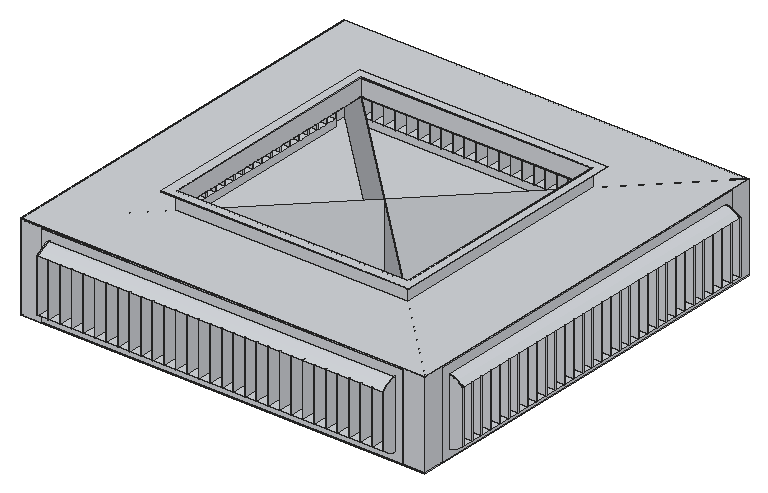
Revit family "DPD (2000-25000 cfm)", category Mechanical Equipment, Revit 2015
Parameters (values of type "DPD6012-40 (16000 cfm)")
  URL = "https://unitedenertech.com/catalog/pdf/H_1%20DPD.pdf"
  Type Comments = "Size Options are Listed as Family Types"
  T = 3' - 4"
  Model = "DPD"
  Manufacturer = "United Enertech Corporation"
  Keynote = "2000-25000 cfm models"
  Grille Length = 5' - 0"
  Grille Height = 1' - 0"
  F = 1' - 3"
  Description = "Drop Diffuser / Plenums"
  B = 5' - 10"
Types (12): name | T | Grille Length | Grille Height | F | B
  (no name) | 3' - 4" | 5' - 0" | 1' - 0" | 1' - 3" | 5' - 10"
  DPD7215-62.5 (25000 cfm) | 4' - 4" | 6' - 0" | 1' - 3" | 1' - 6" | 6' - 10"
  DPD7012-50 (20000 cfm) | 4' - 0" | 5' - 10" | 1' - 0" | 1' - 3" | 6' - 8"
  DPD6012-40 (16000 cfm) | 3' - 4" | 5' - 0" | 1' - 0" | 1' - 3" | 5' - 10"
  DPD5010-30 (12000 cfm) | 3' - 2" | 4' - 2" | 0' - 10" | 1' - 1" | 5' - 0"
  DPD4010-25 (10000 cfm) | 3' - 0" | 3' - 4" | 0' - 10" | 1' - 1" | 4' - 2"
  DPD3510-20 (8000 cfm) | 2' - 6" | 2' - 11" | 0' - 10" | 1' - 1" | 3' - 9"
  DPD2510-15 (6000 cfm) | 2' - 4" | 2' - 1" | 0' - 10" | 1' - 1" | 2' - 11"
  DPD2010-12.5 (5000 cfm) | 2' - 0" | 1' - 8" | 0' - 10" | 1' - 1" | 2' - 6"
  DPD3006-10 (4000 cfm) | 1' - 10" | 2' - 6" | 0' - 6" | 0' - 9" | 3' - 4"
  DPD1806-7.5 (3000 cfm) | 1' - 8" | 1' - 6" | 0' - 6" | 0' - 9" | 2' - 4"
  DPD1206-5 (2000 cfm) | 1' - 2" | 1' - 0" | 0' - 6" | 0' - 9" | 1' - 10"
Reference planes (in)
  plane 1 "Center (Front/Back)": y = 0
  plane 2: z = 0
  plane 3 "Center (Left/Right)": x = 0
  plane 4: x = -20
  plane 5: x = -21.5
  plane 6: x = 20
  plane 7: x = 21.5
  plane 8: y = 20
  plane 9: y = 21.5
  plane 10: y = -20
  plane 11: y = -21.5
  plane 12: x = -35
  plane 13: y = 35
  plane 14: x = 35
  plane 15: y = -35
  plane 16: y = -34.9522
  plane 17: x = -34.9522
  plane 18: y = 34.9522
  plane 19: x = 34.9522
  plane 20: x = -20.0478
  plane 21: y = 20.0478
  plane 22: x = 20.0478
  plane 23: y = -20.0478
  plane 24: z = 15
  plane 25: z = 14.9522
  plane 26: z = 0.0478
  plane 27: z = 18
  plane 28: z = 17.9522
  plane 29: z = 7.5
  plane 30: x = -30
  plane 31: x = 30
  plane 32: y = 30
  plane 33: y = -30
  plane 34: z = 13.5
  plane 35: z = 1.5
Forms (in)
  Extrusion 1, solid
    sketch origin (0, 0, 0) x (1, 0, 0) y (0, 1, 0)
      loop
        line (-21.5, 21.5) -> (-21.5, -21.5) -> (21.5, -21.5) -> (21.5, 21.5) -> (-21.5, 21.5)
      loop
        line (-20, -20) -> (20, -20) -> (20, 20) -> (-20, 20) -> (-20, -20)
    from 17.9522 to 18
  Extrusion 2, solid
    sketch origin (0, 0, 0) x (1, 0, 0) y (0, 1, 0)
      loop
        line (-20.0478, 20.0478) -> (-20.0478, -20.0478) -> (20.0478, -20.0478) -> (20.0478, 20.0478) -> (-20.0478, 20.0478)
      loop
        line (-20, -20) -> (20, -20) -> (20, 20) -> (-20, 20) -> (-20, -20)
    from 15 to 17.9522
  Extrusion 3, solid
    sketch origin (0, 0, 0) x (1, 0, 0) y (0, 1, 0)
      loop
        line (-35, -35) -> (35, -35) -> (35, 35) -> (-35, 35) -> (-35, -35)
      loop
        line (-20, -20) -> (20, -20) -> (20, 20) -> (-20, 20) -> (-20, -20)
    from 14.9522 to 15
  Extrusion 4, solid
    sketch origin (0, 0, 0) x (1, 0, 0) y (0, 1, 0)
      loop
        line (-35, 35) -> (-35, -35) -> (35, -35) -> (35, 35) -> (-35, 35)
    from 0 to 0.0478
  Extrusion 5, solid
    sketch origin (0, 0, 0) x (1, 0, 0) y (0, 1, 0)
      loop
        line (-34.9522, 34.9522) -> (-34.9522, -34.9522) -> (34.9522, -34.9522) -> (34.9522, 34.9522) -> (-34.9522, 34.9522)
      loop
        line (-35, -35) -> (35, -35) -> (35, 35) -> (-35, 35) -> (-35, -35)
    from 0.0478 to 14.9522
  Extrusion 6, void
    sketch origin (0, 0, 0) x (0, 1, 0) y (0, 0, 1)
      loop
        line (30, 1.5) -> (30, 13.5) -> (-30, 13.5) -> (-30, 1.5) -> (30, 1.5)
    from -92.02548 to 91.06186
  Extrusion 7, void
    sketch origin (0, 0, 0) x (1, 0, 0) y (0, 0, 1)
      loop
        line (-30, 1.5) -> (30, 1.5) -> (30, 13.5) -> (-30, 13.5) -> (-30, 1.5)
    from -70.05204 to 70.72677
  Extrusion 8, solid
    sketch origin (0, 0, 0) x (1, 0, 0) y (0, 1, 0)
      loop
        line (-34.9522, -34.9522) -> (34.9522, 34.9522) -> (34.9044, 34.9522) -> (-34.9522, -34.9044) -> (-34.9522, -34.9522)
    from 0.0478 to 14.9522
  Extrusion 9, solid
    sketch origin (0, 0, 0) x (1, 0, 0) y (0, 1, 0)
      loop
        line (34.9522, -34.9522) -> (34.9522, -34.9044) -> (-34.9044, 34.9522) -> (-34.9522, 34.9522) -> (34.9522, -34.9522)
    from 0.0478 to 14.9522
Cuts and joins
  Extrusion 6, Extrusion 7 cuts Extrusion 5
Dimensions and locks (in)
  locked: plane 6 to plane 7 at 1.5
  equal spacing: plane 4, plane 3 "Center (Left/Right)", plane 6
  "T": plane 4 to plane 6
  locked: plane 5 to plane 4 at 1.5
  locked: plane 8 to plane 9 at 1.5
  locked: plane 10 to plane 11 at 1.5
  equal spacing: plane 8, plane 1 "Center (Front/Back)", plane 10
  "T": plane 8 to plane 10
  equal spacing: plane 12, plane 3 "Center (Left/Right)", plane 14
  "B": plane 12 to plane 14
  equal spacing: plane 13, plane 1 "Center (Front/Back)", plane 15
  "B": plane 15 to plane 13
  locked: plane 15 to plane 16 at 0.0478
  locked: plane 13 to plane 18 at 0.0478
  locked: plane 12 to plane 17 at 0.0478
  locked: plane 19 to plane 14 at 0.0478
  locked: plane 23 to plane 10 at 0.0478
  locked: plane 8 to plane 21 at 0.0478
  locked: plane 20 to plane 4 at 0.0478
  locked: plane 6 to plane 22 at 0.0478
  locked: plane 26 to level at 0.0478
  locked: plane 24 to plane 25 at 0.0478
  "F": plane 24 to level
  locked: plane 27 to plane 28 at 0.0478
  locked: plane 28 to plane 24 at 2.9522
  equal spacing: plane 24, plane 29, level
  equal spacing: plane 31, plane 3 "Center (Left/Right)", plane 30
  "Grille Length": plane 31 to plane 30
  equal spacing: plane 32, plane 1 "Center (Front/Back)", plane 33
  "Grille Length": plane 32 to plane 33
  equal spacing: plane 34, plane 29, plane 35
  "Grille Height": plane 34 to plane 35
  aligned and locked: level to plane 2
  aligned and locked: plane 5 to Extrusion 1 sketch curve
  aligned and locked: plane 9 to Extrusion 1 sketch curve
  aligned and locked: plane 7 to Extrusion 1 sketch curve
  aligned and locked: plane 11 to Extrusion 1 sketch curve
  aligned and locked: Extrusion 1 sketch curve to plane 4
  aligned and locked: Extrusion 1 sketch curve to plane 10
  aligned and locked: Extrusion 1 sketch curve to plane 6
  aligned and locked: Extrusion 1 sketch curve to plane 8
  aligned and locked: Extrusion 1 to plane 28
  aligned and locked: plane 27 to Extrusion 1
  aligned and locked: Extrusion 2 sketch curve to plane 20
  aligned and locked: Extrusion 2 sketch curve to plane 21
  aligned and locked: Extrusion 2 sketch curve to plane 4
  aligned and locked: Extrusion 2 sketch curve to plane 8
  aligned and locked: Extrusion 2 sketch curve to plane 22
  aligned and locked: Extrusion 2 sketch curve to plane 6
  aligned and locked: Extrusion 2 sketch curve to plane 23
  aligned and locked: Extrusion 2 sketch curve to plane 10
  aligned and locked: plane 28 to Extrusion 2
  aligned and locked: Extrusion 2 to plane 24
  aligned and locked: plane 12 to Extrusion 3 sketch curve
  aligned and locked: plane 13 to Extrusion 3 sketch curve
  aligned and locked: plane 15 to Extrusion 3 sketch curve
  aligned and locked: plane 14 to Extrusion 3 sketch curve
  aligned and locked: Extrusion 3 sketch curve to plane 6
  aligned and locked: Extrusion 3 sketch curve to plane 10
  aligned and locked: Extrusion 3 sketch curve to plane 4
  aligned and locked: Extrusion 3 sketch curve to plane 8
  aligned and locked: plane 24 to Extrusion 3
  aligned and locked: Extrusion 3 to plane 25
  aligned and locked: Extrusion 4 sketch curve to plane 13
  aligned and locked: Extrusion 4 sketch curve to plane 12
  aligned and locked: Extrusion 4 sketch curve to plane 14
  aligned and locked: Extrusion 4 sketch curve to plane 15
  aligned and locked: plane 26 to Extrusion 4
  aligned and locked: Extrusion 4 to level
  aligned and locked: plane 12 to Extrusion 5 sketch curve
  aligned and locked: plane 13 to Extrusion 5 sketch curve
  aligned and locked: plane 14 to Extrusion 5 sketch curve
  aligned and locked: plane 15 to Extrusion 5 sketch curve
  aligned and locked: plane 16 to Extrusion 5 sketch curve
  aligned and locked: Extrusion 5 sketch curve to plane 17
  aligned and locked: plane 18 to Extrusion 5 sketch curve
  aligned and locked: Extrusion 5 sketch curve to plane 19
  aligned and locked: Extrusion 5 to plane 26
  aligned and locked: plane 25 to Extrusion 5
  aligned and locked: plane 32 to Extrusion 6 sketch curve
  aligned and locked: plane 33 to Extrusion 6 sketch curve
  aligned and locked: plane 34 to Extrusion 6 sketch curve
  aligned and locked: Extrusion 6 sketch curve to plane 35
  aligned and locked: plane 34 to Extrusion 7 sketch curve
  aligned and locked: plane 31 to Extrusion 7 sketch curve
  aligned and locked: Extrusion 7 sketch curve to plane 30
  aligned and locked: Extrusion 7 sketch curve to plane 35
  aligned and locked: plane 3 "Center (Left/Right)" to nested 1
  aligned and locked: plane 35 to nested 1
  aligned and locked: nested 1 to plane 15
  aligned and locked: plane 13 to nested 2
  aligned and locked: nested 2 to plane 35
  aligned and locked: nested 2 to plane 3 "Center (Left/Right)"
  aligned and locked: plane 14 to nested 3
  aligned and locked: nested 3 to plane 35
  aligned and locked: nested 4 to plane 12
  aligned and locked: plane 35 to nested 4
  aligned and locked: plane 1 "Center (Front/Back)" to nested 4
  aligned and locked: nested 3 to plane 1 "Center (Front/Back)"
  aligned and locked: Extrusion 8 to plane 26
  aligned and locked: plane 25 to Extrusion 8
  aligned and locked: Extrusion 9 to plane 26
  aligned and locked: plane 25 to Extrusion 9
Automatic sketch dimensions
  Extrusion 8 sketch curve to plane 16 = 0' - 0"
  Extrusion 8 sketch curve to plane 17 = 0' - 0"
  plane 18 to Extrusion 8 sketch curve = 0' - 0"
  Extrusion 8 sketch curve to plane 19 = 0' - 0"
  Extrusion 8 sketch curve to plane 19 = 0' - 0.0478"
  plane 16 to Extrusion 8 sketch curve = 0' - 0.0478"
  Extrusion 9 sketch curve to plane 17 = 0' - 0"
  plane 18 to Extrusion 9 sketch curve = 0' - 0"
  Extrusion 9 sketch curve to plane 19 = 0' - 0"
  Extrusion 9 sketch curve to plane 16 = 0' - 0"
  Extrusion 9 sketch curve to plane 17 = 0' - 0.0478"
  Extrusion 9 sketch curve to Extrusion 9 sketch curve = 0' - 0.0478"
Nested families (in)
  nested 1: "DPD Drum Louver" at (0, -33.75, 7.5), type "DPD Drum Louver"
    with 72" Grille Width no, 70" Grille Width no, 60" Grille Width no, 50" Grille Width yes, 45" Grille Width yes, 40" Grille Width yes, 35" Grille Width yes, 30" Grille Width yes, 25" Grille Width yes, 20" Grille Width yes, 18" Grille Width yes, 12" Grille Width yes, Radius 0' - 6", Grille Length 5' - 0", Grille Height 1' - 0", B 0' - 2.496"
  nested 2: "DPD Drum Louver" at (0, 33.75, 7.5), type "DPD Drum Louver"
    with 72" Grille Width no, 70" Grille Width no, 60" Grille Width no, 50" Grille Width yes, 45" Grille Width yes, 40" Grille Width yes, 35" Grille Width yes, 30" Grille Width yes, 25" Grille Width yes, 20" Grille Width yes, 18" Grille Width yes, 12" Grille Width yes, Radius 0' - 6", Grille Length 5' - 0", Grille Height 1' - 0", B 0' - 2.496"
  nested 3: "DPD Drum Louver" at (33.75, 0, 7.5) x (0, -1, 0) z (0, 0, 1), type "DPD Drum Louver"
    with 72" Grille Width no, 70" Grille Width no, 60" Grille Width no, 50" Grille Width yes, 45" Grille Width yes, 40" Grille Width yes, 35" Grille Width yes, 30" Grille Width yes, 25" Grille Width yes, 20" Grille Width yes, 18" Grille Width yes, 12" Grille Width yes, Radius 0' - 6", Grille Length 5' - 0", Grille Height 1' - 0", B 0' - 2.496"
  nested 4: "DPD Drum Louver" at (-33.75, 0, 7.5) x (0, -1, 0) z (0, 0, 1), type "DPD Drum Louver"
    with 72" Grille Width no, 70" Grille Width no, 60" Grille Width no, 50" Grille Width yes, 45" Grille Width yes, 40" Grille Width yes, 35" Grille Width yes, 30" Grille Width yes, 25" Grille Width yes, 20" Grille Width yes, 18" Grille Width yes, 12" Grille Width yes, Radius 0' - 6", Grille Length 5' - 0", Grille Height 1' - 0", B 0' - 2.496"
Definition of nested family "DPD Drum Louver"
  Parameters (values of type "DPD Drum Louver")
    Radius = Grille Height / 2  # 0' - 4"
    Grille Length = 6' - 0"
    Grille Height = 0' - 8"
    72" Grille Width [instance] = if(Grille Length > 6' 0 1/8", 2 > 1, 1 > 2)  # no
    70" Grille Width [instance] = if(Grille Length > 5' 9 1/8", 2 > 1, 1 > 2)  # yes
    60" Grille Width [instance] = if(Grille Length > 5' 0 1/8", 2 > 1, 1 > 2)  # yes
    50" Grille Width [instance] = if(Grille Length > 4' 2 1/8", 2 > 1, 1 > 2)  # yes
    45" Grille Width [instance] = if(Grille Length > 3' 9 1/8", 2 > 1, 1 > 2)  # yes
    40" Grille Width [instance] = if(Grille Length > 3' 4 1/8", 2 > 1, 1 > 2)  # yes
    35" Grille Width [instance] = if(Grille Length > 2' 11 1/8", 2 > 1, 1 > 2)  # yes
    30" Grille Width [instance] = if(Grille Length > 2' 6 1/8", 2 > 1, 1 > 2)  # yes
    25" Grille Width [instance] = if(Grille Length > 2' 1 1/8", 2 > 1, 1 > 2)  # yes
    20" Grille Width [instance] = if(Grille Length > 1' 8 1/8", 2 > 1, 1 > 2)  # yes
    18" Grille Width [instance] = if(Grille Length > 1' 6 1/8", 2 > 1, 1 > 2)  # yes
    12" Grille Width [instance] = if(Grille Length > 1' 0 1/8", 2 > 1, 1 > 2)  # yes
    C = 0' - 2 3/4"
    B = Radius * 0.416  # 0' - 1.664"
  Reference planes (in)
    plane 1 "Center (Front/Back)": y = 0
    plane 2: z = 0
    plane 3 "Center (Left/Right)": x = 0
    plane 4: y = 1.375
    plane 5: y = -1.375
    plane 6: y = -3.039
    plane 7: z = 4
    plane 8: z = -4
    plane 9: x = -36
    plane 10: x = 36
    plane 11: x = 35.875
    plane 12: x = -35.875
    plane 13: x = -37.25
    plane 14: x = 37.25
    plane 15: z = -5.25
    plane 16: z = 5.25
    plane 17: z = 3.875
    plane 18: z = -3.875
    plane 19: x = -0.0625
    plane 20: x = 1.9375
    plane 21: x = 3.9375
    plane 22: x = 5.9375
    plane 23: x = 7.9375
    plane 24: x = 9.9375
    plane 25: x = 11.9375
    plane 26: x = 13.9375
    plane 27: x = 15.9375
    plane 28: x = -2.0625
    plane 29: x = -4.0625
    plane 30: x = -6.0625
    plane 31: x = -8.0625
    plane 32: x = -10.0625
    plane 33: x = -12.0625
    plane 34: x = -14.0625
    plane 35: x = -16.0625
    plane 36: x = 17.9375
    plane 37: x = 19.9375
    plane 38: x = 21.9375
    plane 39: x = 23.9375
    plane 40: x = 25.9375
    plane 41: x = 27.9375
    plane 42: x = 29.9375
    plane 43: x = 31.9375
    plane 44: x = 33.9375
    plane 45: x = -18.0625
    plane 46: x = -20.0625
    plane 47: x = -22.0625
    plane 48: x = -24.0625
    plane 49: x = -26.0625
    plane 50: x = -28.0625
    plane 51: x = -30.0625
    plane 52: x = -32.0625
    plane 53: x = -34.0625
  Forms (in)
    Extrusion 1, solid
      sketch origin (0, 0, 0) x (0, 1, 0) y (0, 0, 1)
        loop
          circle (0, 0) r 4
      from 35.875 to 36
    Extrusion 2, solid
      sketch origin (0, 0, 0) x (0, 1, 0) y (0, 0, -1)
        loop
          circle (0, 0) r 4
      from 35.875 to 36
    Extrusion 3, void
      sketch origin (0, 0, 0) x (0, 1, 0) y (0, 0, 1)
        loop
          line (1.375, -5.75) -> (9.41004, -5.75) -> (9.41004, 6.25) -> (1.375, 6.25) -> (1.375, -5.75)
      from 35.875 to 36
    Extrusion 4, void
      sketch origin (0, 0, 0) x (0, 1, 0) y (0, 0, 1)
        loop
          line (-3.039, 4.75) -> (-12.039, 4.75) -> (-12.039, -5.25) -> (-3.039, -5.25) -> (-3.039, 4.75)
      from 35.875 to 36
    Extrusion 5, void
      sketch origin (0, 0, 0) x (0, 1, 0) y (0, 0, 1)
        loop
          line (1.375, -5.75) -> (9.41004, -5.75) -> (9.41004, 6.25) -> (1.375, 6.25) -> (1.375, -5.75)
      from -36 to -35.875
    Extrusion 6, void
      sketch origin (0, 0, 0) x (0, 1, 0) y (0, 0, 1)
        loop
          line (-3.039, 4.75) -> (-12.039, 4.75) -> (-12.039, -5.25) -> (-3.039, -5.25) -> (-3.039, 4.75)
      from -36 to -35.875
    Extrusion 7, solid
      sketch origin (0, 0, 0) x (0, 1, 0) y (0, 0, 1)
        loop
          arc (1.375, 3.74565) -> (-1.01714, 3.85823) -> (-3.04287, 2.58098) r 3.99005
          line (-3.04287, 2.58098) -> (1.375, 2.58098) -> (1.375, 3.74565)
      from -35.875 to 35.875
    Extrusion 8, solid
      sketch origin (0, 0, 0) x (0, 1, 0) y (0, 0, 1)
        loop
          line (1.375, -3.74476) -> (1.375, -2.58425) -> (-3.039, -2.58425)
          arc (-3.039, -2.58425) -> (-1.01436, -3.8581) -> (1.375, -3.74476) r 3.98922
      from -35.875 to 35.875
    Extrusion 9, solid
      sketch origin (0, 0, 0) x (0, 1, 0) y (0, 0, 1)
        loop
          line (-1.375, 5.25) -> (-1.375, -5.25) -> (-1.25, -5.25) -> (-1.25, 5.25) -> (-1.375, 5.25)
      from -37.25 to 37.25
    Extrusion 10, void
      sketch origin (0, 0, 0) x (1, 0, 0) y (0, 0, 1)
        loop
          line (-36, -3.875) -> (36, -3.875) -> (36, 3.875) -> (-36, 3.875) -> (-36, -3.875)
      from 0.8783 to 1.75664
    Extrusion 11, solid
      sketch origin (2.4375, 0, 0) x (1, 0, 0) y (0, 0, 1)
        loop
          line (-2.5, -2.58425) -> (-2.375, -2.58425) -> (-2.375, 2.58098) -> (-2.5, 2.58098) -> (-2.5, -2.58425)
      from -1.375 to 3.039
    Extrusion 12, solid
      sketch origin (4.4375, 0, 0) x (1, 0, 0) y (0, 0, 1)
        loop
          line (-2.5, -2.58425) -> (-2.375, -2.58425) -> (-2.375, 2.58098) -> (-2.5, 2.58098) -> (-2.5, -2.58425)
      from -1.375 to 3.039
    Extrusion 13, solid
      sketch origin (6.4375, 0, 0) x (1, 0, 0) y (0, 0, 1)
        loop
          line (-2.5, -2.58425) -> (-2.375, -2.58425) -> (-2.375, 2.58098) -> (-2.5, 2.58098) -> (-2.5, -2.58425)
      from -1.375 to 3.039
    Extrusion 14, solid, visible <- "12" Grille Width"
      sketch origin (8.4375, 0, 0) x (1, 0, 0) y (0, 0, 1)
        loop
          line (-2.5, -2.58425) -> (-2.375, -2.58425) -> (-2.375, 2.58098) -> (-2.5, 2.58098) -> (-2.5, -2.58425)
      from -1.375 to 3.039
    Extrusion 15, solid, visible <- "12" Grille Width"
      sketch origin (10.4375, 0, 0) x (1, 0, 0) y (0, 0, 1)
        loop
          line (-2.5, -2.58425) -> (-2.375, -2.58425) -> (-2.375, 2.58098) -> (-2.5, 2.58098) -> (-2.5, -2.58425)
      from -1.375 to 3.039
    Extrusion 16, solid, visible <- "20" Grille Width"
      sketch origin (12.4375, 0, 0) x (1, 0, 0) y (0, 0, 1)
        loop
          line (-2.5, -2.58425) -> (-2.375, -2.58425) -> (-2.375, 2.58098) -> (-2.5, 2.58098) -> (-2.5, -2.58425)
      from -1.375 to 3.039
    Extrusion 17, solid, visible <- "20" Grille Width"
      sketch origin (14.4375, 0, 0) x (1, 0, 0) y (0, 0, 1)
        loop
          line (-2.5, -2.58425) -> (-2.375, -2.58425) -> (-2.375, 2.58098) -> (-2.5, 2.58098) -> (-2.5, -2.58425)
      from -1.375 to 3.039
    Extrusion 18, solid, visible <- "25" Grille Width"
      sketch origin (16.4375, 0, 0) x (1, 0, 0) y (0, 0, 1)
        loop
          line (-2.5, -2.58425) -> (-2.375, -2.58425) -> (-2.375, 2.58098) -> (-2.5, 2.58098) -> (-2.5, -2.58425)
      from -1.375 to 3.039
    Extrusion 19, solid, visible <- "30" Grille Width"
      sketch origin (18.4375, 0, 0) x (1, 0, 0) y (0, 0, 1)
        loop
          line (-2.5, -2.58425) -> (-2.375, -2.58425) -> (-2.375, 2.58098) -> (-2.5, 2.58098) -> (-2.5, -2.58425)
      from -1.375 to 3.039
    Extrusion 20, solid
      sketch origin (0.4375, 0, 0) x (1, 0, 0) y (0, 0, 1)
        loop
          line (-2.5, -2.58425) -> (-2.375, -2.58425) -> (-2.375, 2.58098) -> (-2.5, 2.58098) -> (-2.5, -2.58425)
      from -1.375 to 3.039
    Extrusion 21, solid
      sketch origin (-1.5625, 0, 0) x (1, 0, 0) y (0, 0, 1)
        loop
          line (-2.5, -2.58425) -> (-2.375, -2.58425) -> (-2.375, 2.58098) -> (-2.5, 2.58098) -> (-2.5, -2.58425)
      from -1.375 to 3.039
    Extrusion 22, solid, visible <- "12" Grille Width"
      sketch origin (-3.5625, 0, 0) x (1, 0, 0) y (0, 0, 1)
        loop
          line (-2.5, -2.58425) -> (-2.375, -2.58425) -> (-2.375, 2.58098) -> (-2.5, 2.58098) -> (-2.5, -2.58425)
      from -1.375 to 3.039
    Extrusion 23, solid, visible <- "12" Grille Width"
      sketch origin (-5.5625, 0, 0) x (1, 0, 0) y (0, 0, 1)
        loop
          line (-2.5, -2.58425) -> (-2.375, -2.58425) -> (-2.375, 2.58098) -> (-2.5, 2.58098) -> (-2.5, -2.58425)
      from -1.375 to 3.039
    Extrusion 24, solid, visible <- "20" Grille Width"
      sketch origin (-7.5625, 0, 0) x (1, 0, 0) y (0, 0, 1)
        loop
          line (-2.5, -2.58425) -> (-2.375, -2.58425) -> (-2.375, 2.58098) -> (-2.5, 2.58098) -> (-2.5, -2.58425)
      from -1.375 to 3.039
    Extrusion 25, solid, visible <- "20" Grille Width"
      sketch origin (-9.5625, 0, 0) x (1, 0, 0) y (0, 0, 1)
        loop
          line (-2.5, -2.58425) -> (-2.375, -2.58425) -> (-2.375, 2.58098) -> (-2.5, 2.58098) -> (-2.5, -2.58425)
      from -1.375 to 3.039
    Extrusion 26, solid, visible <- "25" Grille Width"
      sketch origin (-11.5625, 0, 0) x (1, 0, 0) y (0, 0, 1)
        loop
          line (-2.5, -2.58425) -> (-2.375, -2.58425) -> (-2.375, 2.58098) -> (-2.5, 2.58098) -> (-2.5, -2.58425)
      from -1.375 to 3.039
    Extrusion 27, solid, visible <- "30" Grille Width"
      sketch origin (-13.5625, 0, 0) x (1, 0, 0) y (0, 0, 1)
        loop
          line (-2.5, -2.58425) -> (-2.375, -2.58425) -> (-2.375, 2.58098) -> (-2.5, 2.58098) -> (-2.5, -2.58425)
      from -1.375 to 3.039
    Extrusion 28, solid, visible <- "35" Grille Width"
      sketch origin (20.4375, 0, 0) x (1, 0, 0) y (0, 0, 1)
        loop
          line (-2.5, -2.58425) -> (-2.375, -2.58425) -> (-2.375, 2.58098) -> (-2.5, 2.58098) -> (-2.5, -2.58425)
      from -1.375 to 3.039
    Extrusion 29, solid, visible <- "40" Grille Width"
      sketch origin (22.4375, 0, 0) x (1, 0, 0) y (0, 0, 1)
        loop
          line (-2.5, -2.58425) -> (-2.375, -2.58425) -> (-2.375, 2.58098) -> (-2.5, 2.58098) -> (-2.5, -2.58425)
      from -1.375 to 3.039
    Extrusion 30, solid, visible <- "40" Grille Width"
      sketch origin (24.4375, 0, 0) x (1, 0, 0) y (0, 0, 1)
        loop
          line (-2.5, -2.58425) -> (-2.375, -2.58425) -> (-2.375, 2.58098) -> (-2.5, 2.58098) -> (-2.5, -2.58425)
      from -1.375 to 3.039
    Extrusion 31, solid, visible <- "45" Grille Width"
      sketch origin (26.4375, 0, 0) x (1, 0, 0) y (0, 0, 1)
        loop
          line (-2.5, -2.58425) -> (-2.375, -2.58425) -> (-2.375, 2.58098) -> (-2.5, 2.58098) -> (-2.5, -2.58425)
      from -1.375 to 3.039
    Extrusion 32, solid, visible <- "50" Grille Width"
      sketch origin (28.4375, 0, 0) x (1, 0, 0) y (0, 0, 1)
        loop
          line (-2.5, -2.58425) -> (-2.375, -2.58425) -> (-2.375, 2.58098) -> (-2.5, 2.58098) -> (-2.5, -2.58425)
      from -1.375 to 3.039
    Extrusion 33, solid, visible <- "50" Grille Width"
      sketch origin (30.4375, 0, 0) x (1, 0, 0) y (0, 0, 1)
        loop
          line (-2.5, -2.58425) -> (-2.375, -2.58425) -> (-2.375, 2.58098) -> (-2.5, 2.58098) -> (-2.5, -2.58425)
      from -1.375 to 3.039
    Extrusion 34, solid, visible <- "60" Grille Width"
      sketch origin (32.4375, 0, 0) x (1, 0, 0) y (0, 0, 1)
        loop
          line (-2.5, -2.58425) -> (-2.375, -2.58425) -> (-2.375, 2.58098) -> (-2.5, 2.58098) -> (-2.5, -2.58425)
      from -1.375 to 3.039
    Extrusion 35, solid, visible <- "60" Grille Width"
      sketch origin (34.4375, 0, 0) x (1, 0, 0) y (0, 0, 1)
        loop
          line (-2.5, -2.58425) -> (-2.375, -2.58425) -> (-2.375, 2.58098) -> (-2.5, 2.58098) -> (-2.5, -2.58425)
      from -1.375 to 3.039
    Extrusion 36, solid, visible <- "70" Grille Width"
      sketch origin (36.4375, 0, 0) x (1, 0, 0) y (0, 0, 1)
        loop
          line (-2.5, -2.58425) -> (-2.375, -2.58425) -> (-2.375, 2.58098) -> (-2.5, 2.58098) -> (-2.5, -2.58425)
      from -1.375 to 3.039
    Extrusion 37, solid, visible <- "35" Grille Width"
      sketch origin (-15.5625, 0, 0) x (1, 0, 0) y (0, 0, 1)
        loop
          line (-2.5, -2.58425) -> (-2.375, -2.58425) -> (-2.375, 2.58098) -> (-2.5, 2.58098) -> (-2.5, -2.58425)
      from -1.375 to 3.039
    Extrusion 38, solid, visible <- "40" Grille Width"
      sketch origin (-17.5625, 0, 0) x (1, 0, 0) y (0, 0, 1)
        loop
          line (-2.5, -2.58425) -> (-2.375, -2.58425) -> (-2.375, 2.58098) -> (-2.5, 2.58098) -> (-2.5, -2.58425)
      from -1.375 to 3.039
    Extrusion 39, solid, visible <- "40" Grille Width"
      sketch origin (-19.5625, 0, 0) x (1, 0, 0) y (0, 0, 1)
        loop
          line (-2.5, -2.58425) -> (-2.375, -2.58425) -> (-2.375, 2.58098) -> (-2.5, 2.58098) -> (-2.5, -2.58425)
      from -1.375 to 3.039
    Extrusion 40, solid, visible <- "45" Grille Width"
      sketch origin (-21.5625, 0, 0) x (1, 0, 0) y (0, 0, 1)
        loop
          line (-2.5, -2.58425) -> (-2.375, -2.58425) -> (-2.375, 2.58098) -> (-2.5, 2.58098) -> (-2.5, -2.58425)
      from -1.375 to 3.039
    Extrusion 41, solid, visible <- "50" Grille Width"
      sketch origin (-23.5625, 0, 0) x (1, 0, 0) y (0, 0, 1)
        loop
          line (-2.5, -2.58425) -> (-2.375, -2.58425) -> (-2.375, 2.58098) -> (-2.5, 2.58098) -> (-2.5, -2.58425)
      from -1.375 to 3.039
    Extrusion 42, solid, visible <- "50" Grille Width"
      sketch origin (-25.5625, 0, 0) x (1, 0, 0) y (0, 0, 1)
        loop
          line (-2.5, -2.58425) -> (-2.375, -2.58425) -> (-2.375, 2.58098) -> (-2.5, 2.58098) -> (-2.5, -2.58425)
      from -1.375 to 3.039
    Extrusion 43, solid, visible <- "60" Grille Width"
      sketch origin (-27.5625, 0, 0) x (1, 0, 0) y (0, 0, 1)
        loop
          line (-2.5, -2.58425) -> (-2.375, -2.58425) -> (-2.375, 2.58098) -> (-2.5, 2.58098) -> (-2.5, -2.58425)
      from -1.375 to 3.039
    Extrusion 44, solid, visible <- "60" Grille Width"
      sketch origin (-29.5625, 0, 0) x (1, 0, 0) y (0, 0, 1)
        loop
          line (-2.5, -2.58425) -> (-2.375, -2.58425) -> (-2.375, 2.58098) -> (-2.5, 2.58098) -> (-2.5, -2.58425)
      from -1.375 to 3.039
    Extrusion 45, solid, visible <- "70" Grille Width"
      sketch origin (-31.5625, 0, 0) x (1, 0, 0) y (0, 0, 1)
        loop
          line (-2.5, -2.58425) -> (-2.375, -2.58425) -> (-2.375, 2.58098) -> (-2.5, 2.58098) -> (-2.5, -2.58425)
      from -1.375 to 3.039
  Cuts and joins
    Extrusion 3, Extrusion 4, Extrusion 5, Extrusion 6 cuts Extrusion 1
    Extrusion 5, Extrusion 6 cuts Extrusion 2
    Extrusion 10 cuts Extrusion 9
  Dimensions and locks (in)
    equal spacing: plane 4, plane 1 "Center (Front/Back)", plane 5
    "C": plane 4 to plane 5
    "B": plane 5 to plane 6
    equal spacing: plane 7, level, plane 8
    "Grille Height": plane 7 to plane 8
    equal spacing: plane 9, plane 3 "Center (Left/Right)", plane 10
    "Grille Length": plane 9 to plane 10
    locked: plane 11 to plane 10 at 0.125
    locked: plane 9 to plane 12 at 0.125
    locked: plane 13 to plane 9 at 1.25
    locked: plane 10 to plane 14 at 1.25
    locked: plane 16 to plane 7 at 1.25
    locked: plane 8 to plane 15 at 1.25
    locked: plane 7 to plane 17 at 0.125
    locked: plane 18 to plane 8 at 0.125
    locked: plane 19 to plane 3 "Center (Left/Right)" at 0.0625
    locked: plane 19 to plane 20 at 2
    locked: plane 20 to plane 21 at 2
    locked: plane 21 to plane 22 at 2
    locked: plane 22 to plane 23 at 2
    locked: plane 23 to plane 24 at 2
    locked: plane 24 to plane 25 at 2
    locked: plane 25 to plane 26 at 2
    locked: plane 26 to plane 27 at 2
    locked: plane 28 to plane 19 at 2
    locked: plane 29 to plane 28 at 2
    locked: plane 35 to plane 34 at 2
    locked: plane 34 to plane 33 at 2
    locked: plane 33 to plane 32 at 2
    locked: plane 32 to plane 31 at 2
    locked: plane 31 to plane 30 at 2
    locked: plane 30 to plane 29 at 2
    locked: plane 36 to plane 37 at 2
    locked: plane 37 to plane 38 at 2
    locked: plane 38 to plane 39 at 2
    locked: plane 39 to plane 40 at 2
    locked: plane 40 to plane 41 at 2
    locked: plane 41 to plane 42 at 2
    locked: plane 27 to plane 36 at 2
    plane 40 to plane 41 = 0' - 2"
    plane 41 to plane 42 = 0' - 2"
    locked: plane 42 to plane 43 at 2
    locked: plane 43 to plane 44 at 2
    locked: plane 47 to plane 46 at 2
    locked: plane 46 to plane 45 at 2
    locked: plane 45 to plane 35 at 2
    plane 35 to plane 34 = 0' - 2"
    locked: plane 50 to plane 49 at 2
    locked: plane 49 to plane 48 at 2
    locked: plane 48 to plane 47 at 2
    plane 47 to plane 46 = 0' - 2"
    locked: plane 53 to plane 52 at 2
    locked: plane 52 to plane 51 at 2
    locked: plane 51 to plane 50 at 2
    plane 50 to plane 49 = 0' - 2"
    "Radius": radius of Extrusion 1 sketch curve
    "Radius": radius of Extrusion 2 sketch curve
    aligned and locked: level to plane 2
    aligned and locked: plane 10 to Extrusion 1
    aligned and locked: plane 11 to Extrusion 1
    aligned and locked: plane 9 to Extrusion 2
    aligned and locked: plane 12 to Extrusion 2
    aligned and locked: Extrusion 4 sketch curve to plane 6
    aligned and locked: Extrusion 1 to Extrusion 3
    aligned and locked: Extrusion 3 to Extrusion 1
    aligned and locked: Extrusion 4 to Extrusion 1
    aligned and locked: Extrusion 1 to Extrusion 4
    aligned and locked: plane 9 to Extrusion 5
    aligned and locked: plane 12 to Extrusion 5
    aligned and locked: plane 9 to Extrusion 6
    aligned and locked: plane 12 to Extrusion 6
    aligned and locked: Extrusion 7 to plane 12
    aligned and locked: Extrusion 8 to plane 12
    aligned and locked: Extrusion 7 to plane 11
    aligned and locked: Extrusion 8 to plane 11
    aligned and locked: plane 13 to Extrusion 9
    aligned and locked: plane 14 to Extrusion 9
    aligned and locked: plane 16 to Extrusion 9
    aligned and locked: Extrusion 9 to plane 15
    aligned and locked: plane 17 to Extrusion 10 sketch curve
    aligned and locked: plane 18 to Extrusion 10 sketch curve
    aligned and locked: plane 9 to Extrusion 10 sketch curve
    aligned and locked: plane 10 to Extrusion 10 sketch curve
    aligned and locked: plane 6 to Extrusion 11
    aligned and locked: Extrusion 11 to plane 19
    aligned and locked: plane 6 to Extrusion 12
    aligned and locked: Extrusion 12 to plane 20
    aligned and locked: Extrusion 13 to plane 21
    aligned and locked: plane 6 to Extrusion 13
    aligned and locked: Extrusion 14 to plane 22
    aligned and locked: Extrusion 15 to plane 23
    aligned and locked: Extrusion 16 to plane 24
    aligned and locked: plane 6 to Extrusion 14
    aligned and locked: plane 6 to Extrusion 15
    aligned and locked: plane 6 to Extrusion 16
    aligned and locked: Extrusion 17 to plane 25
    aligned and locked: Extrusion 18 to plane 26
    aligned and locked: Extrusion 19 to plane 27
    aligned and locked: plane 6 to Extrusion 17
    aligned and locked: plane 6 to Extrusion 18
    aligned and locked: plane 6 to Extrusion 19
    aligned and locked: Extrusion 27 to plane 35
    aligned and locked: Extrusion 26 to plane 34
    aligned and locked: Extrusion 25 to plane 33
    aligned and locked: Extrusion 24 to plane 32
    aligned and locked: Extrusion 23 to plane 31
    aligned and locked: Extrusion 22 to plane 30
    aligned and locked: Extrusion 21 to plane 29
    aligned and locked: Extrusion 20 to plane 28
    aligned and locked: plane 6 to Extrusion 27
    aligned and locked: plane 6 to Extrusion 26
    aligned and locked: plane 6 to Extrusion 25
    aligned and locked: plane 6 to Extrusion 24
    aligned and locked: plane 6 to Extrusion 23
    aligned and locked: plane 6 to Extrusion 22
    aligned and locked: plane 6 to Extrusion 21
    aligned and locked: plane 6 to Extrusion 20
    aligned and locked: plane 6 to Extrusion 28
    aligned and locked: plane 6 to Extrusion 29
    aligned and locked: plane 6 to Extrusion 30
    aligned and locked: plane 6 to Extrusion 31
    aligned and locked: plane 6 to Extrusion 32
    aligned and locked: plane 6 to Extrusion 33
    aligned and locked: plane 6 to Extrusion 34
    aligned and locked: plane 6 to Extrusion 35
    aligned and locked: plane 6 to Extrusion 36
    aligned and locked: plane 6 to Extrusion 45
    aligned and locked: plane 6 to Extrusion 44
    aligned and locked: plane 6 to Extrusion 43
    aligned and locked: plane 6 to Extrusion 42
    aligned and locked: plane 6 to Extrusion 41
    aligned and locked: plane 6 to Extrusion 40
    aligned and locked: plane 6 to Extrusion 39
    aligned and locked: plane 6 to Extrusion 38
    aligned and locked: plane 6 to Extrusion 37
  Automatic sketch dimensions
    Extrusion 1 sketch curve to level = 0' - 0"
    Extrusion 1 sketch curve to plane 1 "Center (Front/Back)" = 0' - 0"
    Extrusion 2 sketch curve to level = 0' - 0"
    Extrusion 2 sketch curve to plane 1 "Center (Front/Back)" = 0' - 0"
    Extrusion 3 sketch curve to plane 4 = 0' - 0"
    Extrusion 3 sketch curve to plane 15 = 0' - 0 1/2"
    Extrusion 3 sketch curve to Extrusion 3 sketch curve = 0' - 8.03504"
    plane 16 to Extrusion 3 sketch curve = 0' - 1"
    Extrusion 4 sketch curve to plane 15 = 0' - 0"
    Extrusion 4 sketch curve to plane 16 = 0' - 0 1/2"
    Extrusion 4 sketch curve to Extrusion 4 sketch curve = 0' - 9"
    Extrusion 5 sketch curve to plane 4 = 0' - 0"
    Extrusion 5 sketch curve to plane 15 = 0' - 0 1/2"
    Extrusion 5 sketch curve to Extrusion 5 sketch curve = 0' - 8.03504"
    plane 16 to Extrusion 5 sketch curve = 0' - 1"
    Extrusion 6 sketch curve to plane 15 = 0' - 0"
    Extrusion 6 sketch curve to plane 6 = 0' - 0"
    Extrusion 6 sketch curve to plane 16 = 0' - 0 1/2"
    plane 6 to Extrusion 6 sketch curve = 0' - 9"
    Extrusion 7 sketch curve to level = 0' - 0"
    Extrusion 7 sketch curve to plane 1 "Center (Front/Back)" = 0' - 0"
    Extrusion 7 sketch curve to plane 4 = 0' - 0"
    plane 6 to Extrusion 7 sketch curve = 0' - 0.00387"
    Extrusion 7 sketch curve to plane 17 = 0' - 1.29402"
    Extrusion 8 sketch curve to plane 6 = 0' - 0"
    Extrusion 8 sketch curve to level = 0' - 0"
    Extrusion 8 sketch curve to plane 1 "Center (Front/Back)" = 0' - 0"
    Extrusion 8 sketch curve to plane 4 = 0' - 0"
    Extrusion 8 sketch curve to plane 18 = 0' - 1.29075"
    Extrusion 9 sketch curve to plane 5 = 0' - 0"
    plane 15 to Extrusion 9 sketch curve = 0' - 0"
    plane 16 to Extrusion 9 sketch curve = 0' - 0"
    Extrusion 9 sketch curve to Extrusion 9 sketch curve = 0' - 0 1/8"
    Extrusion 11 sketch curve to plane 19 = 0' - 0"
    plane 3 "Center (Left/Right)" to Extrusion 11 sketch curve = 0' - 0 1/16"
    Extrusion 11 sketch curve to plane 18 = 0' - 1.29075"
    Extrusion 11 sketch curve to plane 17 = 0' - 1.29402"
    Extrusion 12 sketch curve to plane 20 = 0' - 0"
    plane 20 to Extrusion 12 sketch curve = 0' - 0 1/8"
    Extrusion 12 sketch curve to plane 18 = 0' - 1.29075"
    Extrusion 12 sketch curve to plane 17 = 0' - 1.29402"
    Extrusion 13 sketch curve to plane 21 = 0' - 0"
    plane 21 to Extrusion 13 sketch curve = 0' - 0 1/8"
    Extrusion 13 sketch curve to plane 18 = 0' - 1.29075"
    Extrusion 13 sketch curve to plane 17 = 0' - 1.29402"
    Extrusion 14 sketch curve to plane 22 = 0' - 0"
    plane 22 to Extrusion 14 sketch curve = 0' - 0 1/8"
    Extrusion 14 sketch curve to plane 18 = 0' - 1.29075"
    Extrusion 14 sketch curve to plane 17 = 0' - 1.29402"
    Extrusion 15 sketch curve to plane 23 = 0' - 0"
    plane 23 to Extrusion 15 sketch curve = 0' - 0 1/8"
    Extrusion 15 sketch curve to plane 18 = 0' - 1.29075"
    Extrusion 15 sketch curve to plane 17 = 0' - 1.29402"
    Extrusion 16 sketch curve to plane 24 = 0' - 0"
    plane 24 to Extrusion 16 sketch curve = 0' - 0 1/8"
    Extrusion 16 sketch curve to plane 18 = 0' - 1.29075"
    Extrusion 16 sketch curve to plane 17 = 0' - 1.29402"
    Extrusion 17 sketch curve to plane 25 = 0' - 0"
    plane 25 to Extrusion 17 sketch curve = 0' - 0 1/8"
    Extrusion 17 sketch curve to plane 18 = 0' - 1.29075"
    Extrusion 17 sketch curve to plane 17 = 0' - 1.29402"
    Extrusion 18 sketch curve to plane 26 = 0' - 0"
    plane 26 to Extrusion 18 sketch curve = 0' - 0 1/8"
    Extrusion 18 sketch curve to plane 18 = 0' - 1.29075"
    Extrusion 18 sketch curve to plane 17 = 0' - 1.29402"
    Extrusion 19 sketch curve to plane 27 = 0' - 0"
    plane 27 to Extrusion 19 sketch curve = 0' - 0 1/8"
    Extrusion 19 sketch curve to plane 18 = 0' - 1.29075"
    Extrusion 19 sketch curve to plane 17 = 0' - 1.29402"
    Extrusion 20 sketch curve to plane 28 = 0' - 0"
    plane 28 to Extrusion 20 sketch curve = 0' - 0 1/8"
    Extrusion 20 sketch curve to plane 18 = 0' - 1.29075"
    Extrusion 20 sketch curve to plane 17 = 0' - 1.29402"
    Extrusion 21 sketch curve to plane 29 = 0' - 0"
    plane 29 to Extrusion 21 sketch curve = 0' - 0 1/8"
    Extrusion 21 sketch curve to plane 18 = 0' - 1.29075"
    Extrusion 21 sketch curve to plane 17 = 0' - 1.29402"
    Extrusion 22 sketch curve to plane 30 = 0' - 0"
    plane 30 to Extrusion 22 sketch curve = 0' - 0 1/8"
    Extrusion 22 sketch curve to plane 18 = 0' - 1.29075"
    Extrusion 22 sketch curve to plane 17 = 0' - 1.29402"
    Extrusion 23 sketch curve to plane 31 = 0' - 0"
    plane 31 to Extrusion 23 sketch curve = 0' - 0 1/8"
    Extrusion 23 sketch curve to plane 18 = 0' - 1.29075"
    Extrusion 23 sketch curve to plane 17 = 0' - 1.29402"
    Extrusion 24 sketch curve to plane 32 = 0' - 0"
    plane 32 to Extrusion 24 sketch curve = 0' - 0 1/8"
    Extrusion 24 sketch curve to plane 18 = 0' - 1.29075"
    Extrusion 24 sketch curve to plane 17 = 0' - 1.29402"
    Extrusion 25 sketch curve to plane 33 = 0' - 0"
    plane 33 to Extrusion 25 sketch curve = 0' - 0 1/8"
    Extrusion 25 sketch curve to plane 18 = 0' - 1.29075"
    Extrusion 25 sketch curve to plane 17 = 0' - 1.29402"
    Extrusion 26 sketch curve to plane 34 = 0' - 0"
    plane 34 to Extrusion 26 sketch curve = 0' - 0 1/8"
    Extrusion 26 sketch curve to plane 18 = 0' - 1.29075"
    Extrusion 26 sketch curve to plane 17 = 0' - 1.29402"
    Extrusion 27 sketch curve to plane 35 = 0' - 0"
    plane 35 to Extrusion 27 sketch curve = 0' - 0 1/8"
    Extrusion 27 sketch curve to plane 18 = 0' - 1.29075"
    Extrusion 27 sketch curve to plane 17 = 0' - 1.29402"
    Extrusion 28 sketch curve to plane 36 = 0' - 0"
    plane 36 to Extrusion 28 sketch curve = 0' - 0 1/8"
    Extrusion 28 sketch curve to plane 18 = 0' - 1.29075"
    Extrusion 28 sketch curve to plane 17 = 0' - 1.29402"
    Extrusion 29 sketch curve to plane 37 = 0' - 0"
    plane 37 to Extrusion 29 sketch curve = 0' - 0 1/8"
    Extrusion 29 sketch curve to plane 18 = 0' - 1.29075"
    Extrusion 29 sketch curve to plane 17 = 0' - 1.29402"
    Extrusion 30 sketch curve to plane 38 = 0' - 0"
    plane 38 to Extrusion 30 sketch curve = 0' - 0 1/8"
    Extrusion 30 sketch curve to plane 18 = 0' - 1.29075"
    Extrusion 30 sketch curve to plane 17 = 0' - 1.29402"
    Extrusion 31 sketch curve to plane 39 = 0' - 0"
    plane 39 to Extrusion 31 sketch curve = 0' - 0 1/8"
    Extrusion 31 sketch curve to plane 18 = 0' - 1.29075"
    Extrusion 31 sketch curve to plane 17 = 0' - 1.29402"
    Extrusion 32 sketch curve to plane 40 = 0' - 0"
    plane 40 to Extrusion 32 sketch curve = 0' - 0 1/8"
    Extrusion 32 sketch curve to plane 18 = 0' - 1.29075"
    Extrusion 32 sketch curve to plane 17 = 0' - 1.29402"
    Extrusion 33 sketch curve to plane 41 = 0' - 0"
    plane 41 to Extrusion 33 sketch curve = 0' - 0 1/8"
    Extrusion 33 sketch curve to plane 18 = 0' - 1.29075"
    Extrusion 33 sketch curve to plane 17 = 0' - 1.29402"
    Extrusion 34 sketch curve to plane 42 = 0' - 0"
    plane 42 to Extrusion 34 sketch curve = 0' - 0 1/8"
    Extrusion 34 sketch curve to plane 18 = 0' - 1.29075"
    Extrusion 34 sketch curve to plane 17 = 0' - 1.29402"
    Extrusion 35 sketch curve to plane 43 = 0' - 0"
    plane 43 to Extrusion 35 sketch curve = 0' - 0 1/8"
    Extrusion 35 sketch curve to plane 18 = 0' - 1.29075"
    Extrusion 35 sketch curve to plane 17 = 0' - 1.29402"
    Extrusion 36 sketch curve to plane 44 = 0' - 0"
    plane 44 to Extrusion 36 sketch curve = 0' - 0 1/8"
    Extrusion 36 sketch curve to plane 18 = 0' - 1.29075"
    Extrusion 36 sketch curve to plane 17 = 0' - 1.29402"
    Extrusion 37 sketch curve to plane 45 = 0' - 0"
    plane 45 to Extrusion 37 sketch curve = 0' - 0 1/8"
    Extrusion 37 sketch curve to plane 18 = 0' - 1.29075"
    Extrusion 37 sketch curve to plane 17 = 0' - 1.29402"
    Extrusion 38 sketch curve to plane 46 = 0' - 0"
    plane 46 to Extrusion 38 sketch curve = 0' - 0 1/8"
    Extrusion 38 sketch curve to plane 18 = 0' - 1.29075"
    Extrusion 38 sketch curve to plane 17 = 0' - 1.29402"
    Extrusion 39 sketch curve to plane 47 = 0' - 0"
    plane 47 to Extrusion 39 sketch curve = 0' - 0 1/8"
    Extrusion 39 sketch curve to plane 18 = 0' - 1.29075"
    Extrusion 39 sketch curve to plane 17 = 0' - 1.29402"
    Extrusion 40 sketch curve to plane 48 = 0' - 0"
    plane 48 to Extrusion 40 sketch curve = 0' - 0 1/8"
    Extrusion 40 sketch curve to plane 18 = 0' - 1.29075"
    Extrusion 40 sketch curve to plane 17 = 0' - 1.29402"
    Extrusion 41 sketch curve to plane 49 = 0' - 0"
    plane 49 to Extrusion 41 sketch curve = 0' - 0 1/8"
    Extrusion 41 sketch curve to plane 18 = 0' - 1.29075"
    Extrusion 41 sketch curve to plane 17 = 0' - 1.29402"
    Extrusion 42 sketch curve to plane 50 = 0' - 0"
    plane 50 to Extrusion 42 sketch curve = 0' - 0 1/8"
    Extrusion 42 sketch curve to plane 18 = 0' - 1.29075"
    Extrusion 42 sketch curve to plane 17 = 0' - 1.29402"
    Extrusion 43 sketch curve to plane 51 = 0' - 0"
    plane 51 to Extrusion 43 sketch curve = 0' - 0 1/8"
    Extrusion 43 sketch curve to plane 18 = 0' - 1.29075"
    Extrusion 43 sketch curve to plane 17 = 0' - 1.29402"
    Extrusion 44 sketch curve to plane 52 = 0' - 0"
    plane 52 to Extrusion 44 sketch curve = 0' - 0 1/8"
    Extrusion 44 sketch curve to plane 18 = 0' - 1.29075"
    Extrusion 44 sketch curve to plane 17 = 0' - 1.29402"
    Extrusion 45 sketch curve to plane 53 = 0' - 0"
    plane 53 to Extrusion 45 sketch curve = 0' - 0 1/8"
    Extrusion 45 sketch curve to plane 18 = 0' - 1.29075"
    Extrusion 45 sketch curve to plane 17 = 0' - 1.29402"
